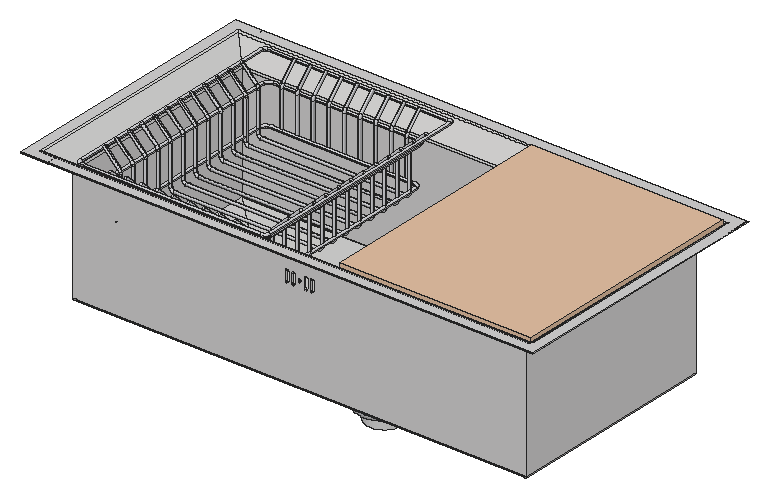
Revit family "Sink-Undermount-Kitchen-KOHLER-POISE-K-3880T", category Plumbing Fixtures, host Face, Revit 2017 (continued)
Definition of nested family "K-3880T"
  Lines and regions (mm)
    symbolic lines, detail levels medium+fine
      curve 530: spline (0, 85.499, -25.4) -> (0, 85.555, -25.027) -> (0, 85.748, -24.678) -> (0, 86.064, -24.377) -> (0, 86.481, -24.145) -> (0, 86.97, -24) -> (0, 87.496, -23.95) -> (0, 88.021, -24) -> (0, 88.51, -24.145) -> (0, 88.927, -24.377) -> (0, 89.243, -24.678) -> (0, 89.436, -25.027) -> (0, 89.492, -25.4)
      curve 531: spline (0, 60.499, -25.4) -> (0, 60.555, -25.027) -> (0, 60.748, -24.678) -> (0, 61.064, -24.377) -> (0, 61.481, -24.145) -> (0, 61.97, -24) -> (0, 62.496, -23.95) -> (0, 63.021, -24) -> (0, 63.51, -24.145) -> (0, 63.927, -24.377) -> (0, 64.243, -24.678) -> (0, 64.436, -25.027) -> (0, 64.492, -25.4)
      curve 532: spline (0, 35.499, -25.4) -> (0, 35.555, -25.027) -> (0, 35.748, -24.678) -> (0, 36.064, -24.377) -> (0, 36.481, -24.145) -> (0, 36.97, -24) -> (0, 37.496, -23.95) -> (0, 38.021, -24) -> (0, 38.51, -24.145) -> (0, 38.927, -24.377) -> (0, 39.243, -24.678) -> (0, 39.436, -25.027) -> (0, 39.492, -25.4)
      curve 533: spline (0, 10.499, -25.4) -> (0, 10.555, -25.027) -> (0, 10.748, -24.678) -> (0, 11.064, -24.377) -> (0, 11.481, -24.145) -> (0, 11.97, -24) -> (0, 12.496, -23.95) -> (0, 13.021, -24) -> (0, 13.51, -24.145) -> (0, 13.927, -24.377) -> (0, 14.243, -24.678) -> (0, 14.436, -25.027) -> (0, 14.492, -25.4)
      curve 534: spline (0, -14.501, -25.4) -> (0, -14.445, -25.027) -> (0, -14.252, -24.678) -> (0, -13.936, -24.377) -> (0, -13.519, -24.145) -> (0, -13.03, -24) -> (0, -12.504, -23.95) -> (0, -11.979, -24) -> (0, -11.49, -24.145) -> (0, -11.073, -24.377) -> (0, -10.757, -24.678) -> (0, -10.564, -25.027) -> (0, -10.508, -25.4)
      curve 535: spline (0, -39.501, -25.4) -> (0, -39.445, -25.027) -> (0, -39.252, -24.678) -> (0, -38.936, -24.377) -> (0, -38.519, -24.145) -> (0, -38.03, -24) -> (0, -37.504, -23.95) -> (0, -36.979, -24) -> (0, -36.49, -24.145) -> (0, -36.073, -24.377) -> (0, -35.757, -24.678) -> (0, -35.564, -25.027) -> (0, -35.508, -25.4)
      curve 536: spline (0, -64.501, -25.4) -> (0, -64.445, -25.027) -> (0, -64.252, -24.678) -> (0, -63.936, -24.377) -> (0, -63.519, -24.145) -> (0, -63.03, -24) -> (0, -62.504, -23.95) -> (0, -61.979, -24) -> (0, -61.49, -24.145) -> (0, -61.073, -24.377) -> (0, -60.757, -24.678) -> (0, -60.564, -25.027) -> (0, -60.508, -25.4)
      curve 537: spline (0, -89.501, -25.4) -> (0, -89.445, -25.027) -> (0, -89.252, -24.678) -> (0, -88.936, -24.377) -> (0, -88.519, -24.145) -> (0, -88.03, -24) -> (0, -87.504, -23.95) -> (0, -86.979, -24) -> (0, -86.49, -24.145) -> (0, -86.073, -24.377) -> (0, -85.757, -24.678) -> (0, -85.564, -25.027) -> (0, -85.508, -25.4)
      curve 538: spline (0, -114.501, -25.4) -> (0, -114.445, -25.027) -> (0, -114.252, -24.678) -> (0, -113.936, -24.377) -> (0, -113.519, -24.145) -> (0, -113.03, -24) -> (0, -112.504, -23.95) -> (0, -111.979, -24) -> (0, -111.49, -24.145) -> (0, -111.073, -24.377) -> (0, -110.757, -24.678) -> (0, -110.564, -25.027) -> (0, -110.508, -25.4)
      curve 539: spline (0, -139.501, -25.4) -> (0, -139.445, -25.027) -> (0, -139.252, -24.678) -> (0, -138.936, -24.377) -> (0, -138.519, -24.145) -> (0, -138.03, -24) -> (0, -137.504, -23.95) -> (0, -136.979, -24) -> (0, -136.49, -24.145) -> (0, -136.073, -24.377) -> (0, -135.757, -24.678) -> (0, -135.564, -25.027) -> (0, -135.508, -25.4)
      curve 540: line (0, 192.2, -25.4) -> (0, -192.3, -25.4)
      curve 541: line (0, -184.223, -25.4) -> (0, -182.767, -23.944)
      curve 542: line (0, -182.767, -23.944) -> (0, -181.312, -25.4)
      curve 543: line (82.487, 0, -25.4) -> (387.287, 0, -25.4)
      curve 544: line (82.487, 192.2, 0) -> (82.487, -192.3, 0)
      curve 545: line (387.287, 192.2, 0) -> (82.487, 192.2, 0)
      curve 546: line (387.287, -192.3, 0) -> (387.287, 192.2, 0)
      curve 547: line (82.487, -192.3, 0) -> (387.287, -192.3, 0)
      curve 548: line (-391.444, 196.444, 0) -> (391.444, 196.444, 0)
      curve 549: line (-391.444, -196.444, 0) -> (-391.444, 196.444, 0)
      curve 550: line (391.444, 196.444, 0) -> (391.444, -196.444, 0)
      curve 551: line (391.444, -196.444, 0) -> (-391.444, -196.444, 0)
    symbolic lines, detail levels coarse
      curve 36: circle (0, 0, 0) r 60 normal (0, 0, 1)
      curve 37: line (361.74, 166.74, 0) -> (-361.74, 166.74, 0)
      curve 38: line (361.74, 166.74, 0) -> (361.74, -166.74, 0)
      curve 39: line (361.74, -166.74, 0) -> (-361.74, -166.74, 0)
      curve 40: line (-361.74, 166.74, 0) -> (-361.74, -166.74, 0)
  Dimensions and locks
    aligned and locked: plane 2 to level
